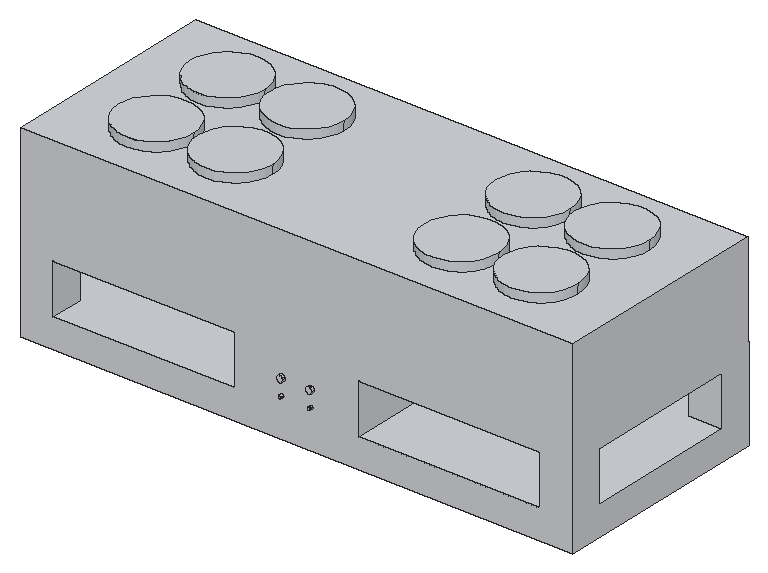
Revit family "M_Unidade de condensação - Resfriado a ar - DX - 422-457 kW", category Equipamento mecânico, Revit 2019
Family settings
  Cota do conector redondo = Usar raio
  Tipo de parte = Normal
  Número OmniClass = 23.75.10.24.21.11.11
  Título OmniClass = Packaged Refrigerant Condensing Coils and Fan Units
  ID de item do Seek = Condensing Unit - Air Cooled - DX - 422-457 kW-0000-CAN-ENU
  Com base no plano de trabalho = Não
  Sempre na vertical = Sim
  Corte com vazios quando carregada = Não
  Compartilhado = Não
  Ponto de cálculo do ambiente = Não
Parameters (values of type "422 kW")
  Voltagem = 460 V
  Visibilidade 2 = no
  Visibilidade 1 = yes
  Largura da unidade = 2247.9 mm
  Material da unidade = none
  Comprimento da unidade = 5654.7 mm
  Altura da unidade 1 = 1922.5 mm
  Altura da unidade  2 = 1922.5 mm
  Raio da saída = 15 mm
  Diâmetro da saída = Raio da saída * 2  # 30 mm
  Número de pólos = 3
  Carga máxima de operação = 15240 mm
  Classificação de carga = Refrigeração
  Comprimento 3 = (Comprimento 2 - 336.55 mm * 2) / 4  # 463.95 mm
  Comprimento 2 = 2528.9 mm
  Comprimento 1 = 2528.9 mm
  Raio da embocadura = 32 mm
  Diâmetro da embocadura = Raio da embocadura * 2  # 64 mm
  Altura 3 = 817.6 mm
  Altura 2 = 2013 mm
  Altura 1 = 2013 mm
  C3 Deslocamento1 = 568.3 mm
  C1 Deslocamento1 = 403.2 mm
  Carga aparente 2 = 48000 VA
  Carga aparente 1 = 48000 VA
Types (3, lengths in mm): name | Visibilidade 2 | Visibilidade 1 | Comprimento da unidade | Altura da unidade  2 | Comprimento 3 | Comprimento 2 | Altura 2 | Carga aparente 2
  (no name) | no | yes | 5654.7 | 1922.5 | 463.95 | 2528.9 | 2013 | 48000 VA
  422 kW | no | yes | 5654.7 | 1922.5 | 463.95 | 2528.9 | 2013 | 48000 VA
  457 kW | yes | no | 6257.9 | 2127.3 | 614.375 | 3130.6 | 2219.3 | 60800 VA
Reference planes
  plane 1 "Centro (Frente/Trás)": y = 0
  plane 2: z = 0
  plane 3 "Centro (Esquerda/Direita)": x = 0
  plane 4: x = 5654.7
  plane 5: z = 1922.5
  plane 6: z = 1922.5
  plane 7: x = 2528.9
  plane 8: x = 3125.8
  plane 9: z = 2013
  plane 10: z = 2013
  plane 11: z = 817.6
  plane 12: x = 336.55
  plane 13: x = 2192.35
  plane 14: x = 3462.35
  plane 15: x = 5318.15
  plane 16: y = 2247.9
  plane 17: z = 304.8
  plane 18: y = 1911.35
  plane 19: y = 336.55
  plane 20: y = 1123.95
  plane 21: y = 1581.15
  plane 22: y = 666.75
  plane 23: x = 1264.45
  plane 24: x = 1670.844
  plane 25: x = 858.056
  plane 26: x = 4390.25
  plane 27: x = 5505.45
  plane 28: x = 3275.05
  plane 29: x = 4796.631
  plane 30: x = 3983.869
  plane 31: z = 79.375
  plane 32: x = 139.7
  plane 33: x = 3265.5
  plane 34: x = 2827.35
  plane 35: x = 2678.125
  plane 36: x = 2976.575
  plane 37: z = 403.2
  plane 38: z = 568.3
  plane 39: y = -25.4
Forms (mm)
  Extrusion 1, solid, material <- "Material da unidade"
    sketch origin (0, 0, 0) x (1, 0, 0) y (0, 0, 1)
      loop
        line (0, 1922.5) -> (0, 0) -> (3125.8, 0) -> (3125.8, 1922.5) -> (0, 1922.5)
    from -2247.9 to 0
  Extrusion 2, solid, material <- "Material da unidade"
    sketch origin (0, 0, 0) x (1, 0, 0) y (0, 0, 1)
      loop
        line (3125.8, 1922.5) -> (3125.8, 0) -> (5654.7, 0) -> (5654.7, 1922.5) -> (3125.8, 1922.5)
    from -2247.9 to 0
  Extrusion 3, void
    sketch origin (0, 0, 0) x (1, 0, 0) y (0, 0, 1)
      loop
        line (336.55, 817.6) -> (336.55, 304.8) -> (2192.35, 304.8) -> (2192.35, 817.6) -> (336.55, 817.6)
    from -2247.9 to 0
  Extrusion 4, void
    sketch origin (0, 0, 0) x (1, 0, 0) y (0, 0, 1)
      loop
        line (3462.35, 817.6) -> (3462.35, 304.8) -> (5318.15, 304.8) -> (5318.15, 817.6) -> (3462.35, 817.6)
    from -2247.9 to 0
  Extrusion 5, void
    sketch origin (0, 0, 0) x (1, 0, 0) y (0, 1, 0)
      loop
        line (0, 1911.35) -> (0, 336.55) -> (336.55, 336.55) -> (336.55, 1911.35) -> (0, 1911.35)
    from 304.8 to 817.6
  Extrusion 6, void
    sketch origin (5969, 0, 0) x (1, 0, 0) y (0, 1, 0)
      loop
        line (-650.85, 1911.35) -> (-650.85, 336.55) -> (-314.3, 336.55) -> (-314.3, 1911.35) -> (-650.85, 1911.35)
    from 304.8 to 817.6
  Extrusion 7, solid, material <- "Material da unidade"
    sketch origin (0, 0, 0) x (1, 0, 0) y (0, 1, 0)
      loop
        circle (858.056, 1581.15) r 381
    from 1922.5 to 2013
  Extrusion 8, solid, material <- "Material da unidade"
    sketch origin (0, 2247.9, 0) x (1, 0, 0) y (0, 1, 0)
      loop
        circle (858.056, -1581.15) r 381
    from 1922.5 to 2013
  Extrusion 9, solid, material <- "Material da unidade"
    sketch origin (2528.888, 0, 0) x (-1, 0, 0) y (0, -1, 0)
      loop
        circle (858.044, -1581.15) r 381
    from 1922.5 to 2013
  Extrusion 10, solid, material <- "Material da unidade"
    sketch origin (2528.888, 2247.9, 0) x (-1, 0, 0) y (0, -1, 0)
      loop
        circle (858.044, 1581.15) r 381
    from 1922.5 to 2013
  Extrusion 11, solid, material <- "Material da unidade", visible <- "Visibilidade 2"
    sketch origin (4936.331, 0, 0) x (-1, 0, 0) y (0, -1, 0)
      loop
        circle (1661.281, -1581.15) r 381
    from 1922.5 to 2013
  Extrusion 12, solid, material <- "Material da unidade", visible <- "Visibilidade 2"
    sketch origin (5550.694, 0, 0) x (-1, 0, 0) y (0, -1, 0)
      loop
        circle (1160.444, -1581.15) r 381
    from 1922.5 to 2013
  Extrusion 13, solid, material <- "Material da unidade", visible <- "Visibilidade 2"
    sketch origin (6165.056, 0, 0) x (-1, 0, 0) y (0, -1, 0)
      loop
        circle (659.606, -1581.15) r 381
    from 1922.5 to 2013
  Extrusion 14, solid, material <- "Material da unidade", visible <- "Visibilidade 2"
    sketch origin (4936.331, 2247.9, 0) x (-1, 0, 0) y (0, -1, 0)
      loop
        circle (1661.281, 1581.15) r 381
    from 1922.5 to 2013
  Extrusion 15, solid, material <- "Material da unidade", visible <- "Visibilidade 2"
    sketch origin (5550.694, 2247.9, 0) x (-1, 0, 0) y (0, -1, 0)
      loop
        circle (1160.444, 1581.15) r 381
    from 1922.5 to 2013
  Extrusion 16, solid, material <- "Material da unidade", visible <- "Visibilidade 2"
    sketch origin (6165.056, 2247.9, 0) x (-1, 0, 0) y (0, -1, 0)
      loop
        circle (659.606, 1581.15) r 381
    from 1922.5 to 2013
  Extrusion 17, solid, material <- "Material da unidade", visible <- "Visibilidade 1"
    sketch origin (4841.875, 0, 0) x (-1, 0, 0) y (0, -1, 0)
      loop
        circle (858.006, -1581.15) r 381
    from 1922.5 to 2013
  Extrusion 18, solid, material <- "Material da unidade", visible <- "Visibilidade 1"
    sketch origin (5654.675, 0, 0) x (-1, 0, 0) y (0, -1, 0)
      loop
        circle (858.044, -1581.15) r 381
    from 1922.5 to 2013
  Extrusion 19, solid, material <- "Material da unidade", visible <- "Visibilidade 1"
    sketch origin (4841.875, 2247.9, 0) x (-1, 0, 0) y (0, -1, 0)
      loop
        circle (858.006, 1581.15) r 381
    from 1922.5 to 2013
  Extrusion 20, solid, material <- "Material da unidade", visible <- "Visibilidade 1"
    sketch origin (5654.675, 2247.9, 0) x (-1, 0, 0) y (0, -1, 0)
      loop
        circle (858.044, 1581.15) r 381
    from 1922.5 to 2013
  Extrusion 21, solid, material <- "Material da unidade"
    sketch origin (0, 0, 0) x (1, 0, 0) y (0, 0, 1)
      loop
        circle (139.7, 79.375) r 12.7
    from -336.55 to 0
  Extrusion 22, solid, material <- "Material da unidade"
    sketch origin (3125.787, 0, 0) x (1, 0, 0) y (0, 0, 1)
      loop
        circle (139.713, 79.375) r 12.7
    from -336.55 to 0
  Extrusion 23, solid, material <- "Material da unidade"
    sketch origin (0, 0, 0) x (1, 0, 0) y (0, 0, 1)
      loop
        circle (2678.125, 403.2) r 15
    from 0 to 25.4
  Extrusion 24, solid, material <- "Material da unidade"
    sketch origin (5654.675, 0, 0) x (-1, 0, 0) y (0, 0, -1)
      loop
        circle (2678.1, -403.2) r 15
    from 0 to 25.4
  Extrusion 25, solid, material <- "Material da unidade"
    sketch origin (0, 0, 165.1) x (1, 0, 0) y (0, 0, 1)
      loop
        circle (2678.125, 403.2) r 32
    from 0 to 25.4
  Extrusion 26, solid, material <- "Material da unidade"
    sketch origin (5654.675, 0, 165.1) x (-1, 0, 0) y (0, 0, -1)
      loop
        circle (2678.1, -403.2) r 32
    from 0 to 25.4
Cuts and joins
  Extrusion 3, Extrusion 5 cuts Extrusion 1
  Extrusion 4, Extrusion 6 cuts Extrusion 2
  joined: Extrusion 1, Extrusion 2, Extrusion 21, Extrusion 22, Extrusion 23, Extrusion 24, Extrusion 25, Extrusion 26
Dimensions and locks
  "Comprimento da unidade": plane 4 to plane 3 "Centro (Esquerda/Direita)"
  "Altura da unidade 1": plane 5 to plane 2
  "Altura da unidade  2": plane 6 to plane 2
  "Comprimento 1": plane 7 to plane 3 "Centro (Esquerda/Direita)"
  "Comprimento 2": plane 4 to plane 8
  "Altura 1": plane 9 to plane 2
  "Altura 2": plane 10 to plane 2
  "Altura 3": plane 11 to plane 2
  locked: plane 12 to plane 3 "Centro (Esquerda/Direita)" at 336.55
  locked: plane 7 to plane 13 at 336.55
  locked: plane 14 to plane 8 at 336.55
  locked: plane 4 to plane 15 at 336.55
  "Largura da unidade": plane 1 "Centro (Frente/Trás)" to plane 16
  locked: plane 17 to plane 2 at 304.8
  locked: plane 18 to plane 16 at 336.55
  locked: plane 1 "Centro (Frente/Trás)" to plane 19 at 336.55
  equal spacing: plane 1 "Centro (Frente/Trás)", plane 20, plane 16
  equal spacing: plane 12, plane 23, plane 13
  equal spacing: plane 21, plane 20, plane 22
  equal spacing: plane 25, plane 23, plane 24
  equal spacing: plane 14, plane 26, plane 15
  equal spacing: plane 28, plane 26, plane 27
  equal spacing: plane 30, plane 26, plane 29
  locked: plane 31 to plane 2 at 79.375
  locked: plane 32 to plane 3 "Centro (Esquerda/Direita)" at 139.7
  locked: plane 33 to plane 8 at 139.7
  equal spacing: plane 8, plane 36, plane 34, plane 35, plane 7
  "C1 Deslocamento1": plane 37 to plane 2
  "C3 Deslocamento1": plane 38 to plane 2
  locked: plane 39 to plane 1 "Centro (Frente/Trás)" at 25.4
  radius of Extrusion 7 sketch curve = 381 mm
  radius of Extrusion 8 sketch curve = 381 mm
  radius of Extrusion 9 sketch curve = 381 mm
  radius of Extrusion 10 sketch curve = 381 mm
  radius of Extrusion 11 sketch curve = 381 mm
  radius of Extrusion 12 sketch curve = 381 mm
  radius of Extrusion 13 sketch curve = 381 mm
  radius of Extrusion 14 sketch curve = 381 mm
  radius of Extrusion 15 sketch curve = 381 mm
  radius of Extrusion 16 sketch curve = 381 mm
  radius of Extrusion 17 sketch curve = 381 mm
  radius of Extrusion 18 sketch curve = 381 mm
  radius of Extrusion 19 sketch curve = 381 mm
  radius of Extrusion 20 sketch curve = 381 mm
  radius of Extrusion 21 sketch curve = 12.7 mm
  radius of Extrusion 22 sketch curve = 12.7 mm
  "Raio da saída": radius of Extrusion 23 sketch curve
  "Raio da saída": radius of Extrusion 24 sketch curve
  "Raio da embocadura": radius of Extrusion 25 sketch curve
  "Raio da embocadura": radius of Extrusion 26 sketch curve
  aligned and locked: plane 3 "Centro (Esquerda/Direita)" to Extrusion 1 sketch curve
  aligned and locked: Extrusion 1 sketch curve to plane 5
  aligned and locked: Extrusion 1 sketch curve to plane 8
  aligned and locked: Extrusion 1 sketch curve to plane 2
  aligned and locked: Extrusion 2 sketch curve to plane 6
  aligned and locked: plane 8 to Extrusion 2 sketch curve
  aligned and locked: Extrusion 2 sketch curve to plane 4
  aligned and locked: Extrusion 2 sketch curve to plane 2
  aligned and locked: Extrusion 1 to plane 16
  aligned and locked: plane 1 "Centro (Frente/Trás)" to Extrusion 1
  aligned and locked: Extrusion 2 to plane 16
  aligned and locked: plane 1 "Centro (Frente/Trás)" to Extrusion 2
  aligned and locked: plane 12 to Extrusion 3 sketch curve
  aligned and locked: Extrusion 3 sketch curve to plane 11
  aligned and locked: plane 17 to Extrusion 3 sketch curve
  aligned and locked: Extrusion 3 sketch curve to plane 13
  aligned and locked: plane 14 to Extrusion 4 sketch curve
  aligned and locked: Extrusion 4 sketch curve to plane 11
  aligned and locked: Extrusion 4 sketch curve to plane 17
  aligned and locked: Extrusion 4 sketch curve to plane 15
  aligned and locked: Extrusion 1 to Extrusion 3
  aligned and locked: plane 1 "Centro (Frente/Trás)" to Extrusion 3
  aligned and locked: plane 1 "Centro (Frente/Trás)" to Extrusion 4
  aligned and locked: Extrusion 4 to plane 16
  aligned and locked: cut or joined group 1 (Extrusion 1, Extrusion 2, Extrusion 3, Extrusion 4, Extrusion 5, Extrusion 6, Extrusion 21, Extrusion 22, Extrusion 23, Extrusion 24, Extrusion 25, Extrusion 26) to Extrusion 5 sketch curve
  aligned and locked: plane 18 to Extrusion 5 sketch curve
  aligned and locked: plane 19 to Extrusion 5 sketch curve
  aligned and locked: Extrusion 5 sketch curve to plane 12
  aligned and locked: Extrusion 6 sketch curve to plane 19
  aligned and locked: plane 18 to Extrusion 6 sketch curve
  aligned and locked: plane 15 to Extrusion 6 sketch curve
  aligned and locked: Extrusion 6 sketch curve to plane 4
  aligned and locked: plane 11 to Extrusion 5
  aligned and locked: Extrusion 5 to plane 17
  aligned and locked: Extrusion 6 to plane 11
  aligned and locked: plane 17 to Extrusion 6
  aligned and locked: plane 21 to Extrusion 7 sketch curve
  aligned and locked: plane 25 to Extrusion 7 sketch curve
  aligned and locked: plane 22 to Extrusion 8 sketch curve
  aligned and locked: plane 25 to Extrusion 8 sketch curve
  aligned and locked: plane 21 to Extrusion 9 sketch curve
  aligned and locked: plane 24 to Extrusion 9 sketch curve
  aligned and locked: plane 22 to Extrusion 10 sketch curve
  aligned and locked: plane 24 to Extrusion 10 sketch curve
  aligned and locked: plane 9 to Extrusion 8
  aligned and locked: Extrusion 8 to plane 5
  aligned and locked: plane 9 to Extrusion 7
  aligned and locked: Extrusion 7 to plane 5
  aligned and locked: plane 9 to Extrusion 10
  aligned and locked: Extrusion 10 to plane 5
  aligned and locked: plane 9 to Extrusion 9
  aligned and locked: Extrusion 9 to plane 5
  aligned and locked: plane 28 to Extrusion 11 sketch curve
  aligned and locked: plane 21 to Extrusion 11 sketch curve
  aligned and locked: plane 21 to Extrusion 12 sketch curve
  aligned and locked: plane 26 to Extrusion 12 sketch curve
  aligned and locked: plane 21 to Extrusion 13 sketch curve
  aligned and locked: plane 27 to Extrusion 13 sketch curve
  aligned and locked: plane 22 to Extrusion 14 sketch curve
  aligned and locked: plane 28 to Extrusion 14 sketch curve
  aligned and locked: plane 26 to Extrusion 15 sketch curve
  aligned and locked: plane 22 to Extrusion 15 sketch curve
  aligned and locked: plane 22 to Extrusion 16 sketch curve
  aligned and locked: plane 27 to Extrusion 16 sketch curve
  aligned and locked: Extrusion 14 to plane 10
  aligned and locked: Extrusion 14 to plane 6
  aligned and locked: Extrusion 11 to plane 10
  aligned and locked: Extrusion 11 to plane 6
  aligned and locked: Extrusion 15 to plane 10
  aligned and locked: plane 6 to Extrusion 15
  aligned and locked: Extrusion 12 to plane 10
  aligned and locked: plane 6 to Extrusion 12
  aligned and locked: Extrusion 16 to plane 10
  aligned and locked: plane 6 to Extrusion 16
  aligned and locked: Extrusion 13 to plane 10
  aligned and locked: plane 6 to Extrusion 13
  aligned and locked: plane 30 to Extrusion 17 sketch curve
  aligned and locked: plane 21 to Extrusion 17 sketch curve
  aligned and locked: plane 21 to Extrusion 18 sketch curve
  aligned and locked: plane 29 to Extrusion 18 sketch curve
  aligned and locked: plane 22 to Extrusion 19 sketch curve
  aligned and locked: plane 30 to Extrusion 19 sketch curve
  aligned and locked: plane 22 to Extrusion 20 sketch curve
  aligned and locked: plane 29 to Extrusion 20 sketch curve
  aligned and locked: Extrusion 19 to plane 10
  aligned and locked: Extrusion 19 to plane 6
  aligned and locked: Extrusion 17 to plane 10
  aligned and locked: Extrusion 17 to plane 6
  aligned and locked: Extrusion 20 to plane 10
  aligned and locked: plane 6 to Extrusion 20
  aligned and locked: Extrusion 18 to plane 10
  aligned and locked: plane 6 to Extrusion 18
  aligned and locked: plane 31 to Extrusion 21 sketch curve
  aligned and locked: plane 32 to Extrusion 21 sketch curve
  aligned and locked: plane 31 to Extrusion 22 sketch curve
  aligned and locked: plane 33 to Extrusion 22 sketch curve
  aligned and locked: plane 37 to Extrusion 23 sketch curve
  aligned and locked: plane 35 to Extrusion 23 sketch curve
  aligned and locked: plane 37 to Extrusion 24 sketch curve
  aligned and locked: plane 36 to Extrusion 24 sketch curve
  aligned and locked: plane 38 to Extrusion 25 sketch curve
  aligned and locked: plane 35 to Extrusion 25 sketch curve
  aligned and locked: plane 38 to Extrusion 26 sketch curve
  aligned and locked: plane 36 to Extrusion 26 sketch curve
  aligned and locked: plane 39 to Extrusion 25
  aligned and locked: plane 39 to Extrusion 23
  aligned and locked: plane 39 to Extrusion 26
  aligned and locked: plane 39 to Extrusion 24
  aligned and locked: Extrusion 25 to plane 1 "Centro (Frente/Trás)"
  aligned and locked: Extrusion 23 to plane 1 "Centro (Frente/Trás)"
  aligned and locked: Extrusion 26 to plane 1 "Centro (Frente/Trás)"
  aligned and locked: Extrusion 24 to plane 1 "Centro (Frente/Trás)"
  aligned and locked: Extrusion 21 to plane 19
  aligned and locked: plane 1 "Centro (Frente/Trás)" to Extrusion 21
  aligned and locked: Extrusion 22 to plane 19
  aligned and locked: plane 1 "Centro (Frente/Trás)" to Extrusion 22
Connectors
  piping at (2678.125, -25.4, 403.2), diameter 30, driven by "Raio da saída"
    settings: on cut or joined group 1, index 1, connector inside diameter 30 mm, connector length 0 mm, flow factor 0, pipe flow 0.0 L/s, pressure drop 0.0 Pa, fitting loss kfactor 0, connector angle 0.00°, fixture units 0, engagement length 0 mm, angle of deflection 0.00°, flow configuration 0, flow direction 2, fitting loss method 0, system type 22, joint type 0, gender type 0, connector reference index 3, connector utility 0, adjustable connector no, is connector primary yes, connector description "Saída de material criogênico"
  piping at (2976.575, -25.4, 403.2), diameter 30, driven by "Raio da saída"
    settings: on cut or joined group 1, index 2, connector inside diameter 30 mm, connector length 0 mm, flow factor 0, pipe flow 0.0 L/s, pressure drop 0.0 Pa, fitting loss kfactor 0, connector angle 0.00°, fixture units 0, engagement length 0 mm, angle of deflection 0.00°, flow configuration 0, flow direction 2, fitting loss method 0, system type 22, joint type 0, gender type 0, connector reference index 4, connector utility 0, adjustable connector no, is connector primary no, connector description "Saída de material criogênico"
  piping at (2678.125, -25.4, 568.3), diameter 64, driven by "Raio da embocadura"
    settings: on cut or joined group 1, index 3, connector inside diameter 64 mm, connector length 0 mm, flow factor 0, pipe flow 0.0 L/s, pressure drop 0.0 Pa, fitting loss kfactor 0, connector angle 0.00°, fixture units 0, engagement length 0 mm, angle of deflection 0.00°, flow configuration 0, flow direction 1, fitting loss method 0, system type 22, joint type 0, gender type 0, connector reference index 1, connector utility 0, adjustable connector no, is connector primary no, connector description "Entrada de material criogênico"
  piping at (2976.575, -25.4, 568.3), diameter 64, driven by "Raio da embocadura"
    settings: on cut or joined group 1, index 4, connector inside diameter 64 mm, connector length 0 mm, flow factor 0, pipe flow 0.0 L/s, pressure drop 0.0 Pa, fitting loss kfactor 0, connector angle 0.00°, fixture units 0, engagement length 0 mm, angle of deflection 0.00°, flow configuration 0, flow direction 1, fitting loss method 0, system type 22, joint type 0, gender type 0, connector reference index 2, connector utility 0, adjustable connector no, is connector primary no, connector description "Entrada de material criogênico"
  electrical at (139.7, 0, 79.375), driven by "Carga aparente 1", driven by "Voltagem", driven by "Número de pólos", driven by "Classificação de carga"
    settings: on Extrusion 21, index 5, voltage 460 V, apparent load 48000 VA, apparent load phase1 0 VA, apparent load phase2 0 VA, apparent load phase3 0 VA, power factor 0.8, load classification "Refrigeração", number of poles 3, system type 30, power factor state 1, is connector primary yes, connector utility no, sub classification motor no, connector description ""
  electrical at (3265.5, 0, 79.375), driven by "Carga aparente 2", driven by "Voltagem", driven by "Número de pólos", driven by "Classificação de carga"
    settings: on Extrusion 22, index 6, voltage 460 V, apparent load 48000 VA, apparent load phase1 0 VA, apparent load phase2 0 VA, apparent load phase3 0 VA, power factor 0.8, load classification "Refrigeração", number of poles 3, system type 30, power factor state 1, is connector primary no, connector utility no, sub classification motor no, connector description ""
